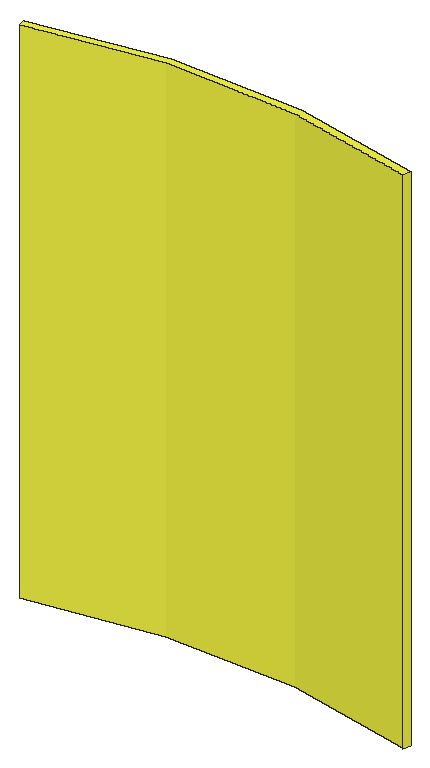
Revit family "EXP_WT-1A_CPan-009", category Curtain Panels, Revit 2021
Family settings
  OmniClass Number = 23.25.20.14.11.11.17
  OmniClass Title = Infill Panels
  Always vertical = Yes
  Cut with Voids When Loaded = Yes
  Shared = No
Parameters
  UI-UnitNumber [instance] = "01"
  UI-Quadrant [instance] = "SE"
  UI-ProjectAbbreviation = "NEU"
  UI-ItemCategory = "PID"
  UI-FloorNumber [instance] = "03"
  PNT-WallType = "WT1A"
  PNT-ProjectAbbreviation = "NEU"
  PNT-PanelType [instance] = "01"
  PNT-ItemCategory = "PNL"
  GlassSPH [instance] = 0' - 2 3/16"
  GlassH1 [instance] = IG-3C(Glass)
  Description = "Curve"
  Define Thermal Properties by = Schematic Type
  CellSp = 0' - 10 3/16"
  CellRayIN [instance] = CellRayEX - CellSp  # 17' - 1 13/16"
  CellRayEX [instance] = 18' - 0"
  CellH1 [instance] = CellH  # 13' - 1.48031"
  CellH [instance] = 13' - 1.48031"
  Analytic Construction = "<None>"
Reference planes (in)
  plane 1 "Center (Front/Back)": y = 0
  plane 2: z = 0
  plane 3 "Center (Left/Right)": x = 0
  plane 4 "Left": x = -59.05512
  plane 5 "Right": x = 59.05512
  plane 6 "Top": z = 157.48031
Forms (in)
  Extrusion 1, solid, material "IG-3C(Glass)" <- "GlassH1", detail levels coarse+medium
    sketch origin (0, 0, 0) x (1, 0, 0) y (0, 1, 0)
      loop
        line (-59.05512, 0) -> (-56.26982, -9.79935)
        arc (-56.26982, -9.79935) -> (0, -1.95779) -> (56.26982, -9.79935) r 205.8125
        line (56.26982, -9.79935) -> (59.05512, 0)
        arc (59.05512, 0) -> (0, 8.22971) -> (-59.05512, 0) r 216
    from 0 to 157.48031
Lines and regions (in)
  reference lines
    curve 1: line (59.05512, 0, 0) -> (0, -207.77029, 0)
    curve 2: line (-59.05512, 0, 0) -> (0, -207.77029, 0)
    curve 3: line (59.05512, 0, 0) -> (33.30348, 7.31946, 0)
    curve 4: line (-59.05512, 0, 0) -> (-31.03127, 7.96529, 0)
  model lines
    curve 5: arc (-59.05512, 0, 0) -> (0, 8.22971, 0) -> (59.05512, 0, 0) r 216
    curve 6: line (-59.05512, 0, 0) -> (-56.26982, -9.79935, 0)
    curve 7: line (59.05512, 0, 0) -> (56.26982, -9.79935, 0)
    curve 8: arc (56.26982, -9.79935, 0) -> (0, -1.95779, 0) -> (-56.26982, -9.79935, 0) r 205.8125
Text (in)
  text "Exterior" at (-92.59733, 55.75508, 0), in view "Ref. Level"
  text "Exterior" at (0, 90.18664, 173.49264), in view "Left"
  text "Exterior" at (0, 52.29083, 162.21847), in view "Right"
Dimensions and locks (in)
  equal spacing: plane 4 "Left", plane 3 "Center (Left/Right)", plane 5 "Right"
  "CellRayEX": curve 2 to curve 2
  "CellRayEX": curve 2 to curve 1
  "CellSp": curve 6 to curve 6
  "CellSp": curve 7 to curve 7
  "CellH": plane 2 to plane 6 "Top"
  "CellRayEX": radius of curve 5
  locked: curve 2 to curve 4 (angle 90.00°)
  locked: curve 3 to curve 1 (angle 90.00°)
  aligned and locked: level to plane 2
  aligned and locked: curve 6 to curve 2
  aligned and locked: curve 7 to curve 1
  aligned and locked: Extrusion 1 sketch curve to curve 5
  aligned and locked: Extrusion 1 sketch curve to curve 8
  aligned and locked: Extrusion 1 sketch curve to curve 7
  aligned and locked: Extrusion 1 sketch curve to curve 6
  aligned and locked: Extrusion 1 to level
  aligned and locked: Extrusion 1 to plane 6 "Top"
  aligned and locked: plane 4 "Left" to nested 1
  aligned and locked: plane 5 "Right" to nested 1
  aligned and locked: plane 1 "Center (Front/Back)" to nested 1
  aligned and locked: nested 1 to plane 6 "Top"
  aligned and locked: plane 2 to nested 1
Automatic sketch dimensions
  plane 1 "Center (Front/Back)" to curve 2 = 0' - 0"
  curve 2 to plane 4 "Left" = 0' - 0"
  curve 2 to plane 3 "Center (Left/Right)" = 0' - 0"
  plane 1 "Center (Front/Back)" to curve 3 = 0' - 0"
  curve 5 to curve 8 = 0' - 0"
  plane 1 "Center (Front/Back)" to curve 5 = 0' - 0"
  curve 8 to plane 3 "Center (Left/Right)" = 0' - 0"
Nested families (in)
  nested 1: "EXP_WT-1x_IG-010" at (0, 0, 78.74016), GlassRayEX <- "CellRayEX", MaterialGlass <- "GlassH1", GlassSP <- "GlassSPH", type "GlassSP = H", detail levels fine
    with MaterialGlass IG-3C(Glass), GlassSP 0' - 2 3/16", GlassRayIN 17' - 9 13/16", GlassRayEX 18' - 0", GlassL 9' - 8.23622", GlassH 12' - 10.6063", CellL 9' - 10.11024", CellH 13' - 1.48031"
Definition of nested family "EXP_WT-1x_IG-010"
  Parameters (values of type "GlassSP = H3")
    MaterialGlass [instance] = none
    GlassSP [instance] = 0' - 1.25197"
    GlassRayIN [instance] = GlassRayEX - GlassSP  # 17' - 10.74803"
    GlassRayEX [instance] = 18' - 0"
    GlassL [instance] = CellL - (GlassD1 + GlassD3)  # 3' - 10.94488"
    GlassH [instance] = CellH - (GlassD2 + GlassD4)  # 6' - 6.64788"
    GlassD4 = 0' - 1.43701"
    GlassD3 = 0' - 0.93701"
    GlassD2 = 0' - 0 1/2"
    GlassD1 = 0' - 0.93701"
    GMPI-ProjectAbbreviation = "NEU"
    GMPI-IteamCategory = "GLS"
    Default Elevation = 0' - 0"
    CellL [instance] = 4' - 0.8189"
    CellH [instance] = 6' - 8.58489"
  Types (5): name | GlassH | GlassD4 | GlassD2
    GlassSP = H3 | 6' - 6.64788" | 0' - 1.43701" | 0' - 0 1/2"
    GlassSP = H2(x3) | 6' - 7.83292" | 0' - 0.25197" | 0' - 0 1/2"
    GlassSP = H2(x2) | 6' - 6.64788" | 0' - 1.43701" | 0' - 0 1/2"
    GlassSP = H1 | 6' - 6.89592" | 0' - 0.25197" | 0' - 1.43701"
    GlassSP = H | 6' - 5.71088" | 0' - 1.43701" | 0' - 1.43701"
  Reference planes (in)
    plane 1 "Center (Front/Back)": y = 0
    plane 2: z = 0
    plane 3 "Center (Left/Right)": x = 0
    plane 4: z = 40.29245
    plane 5: z = -40.29245
    plane 6: z = 39.79245
    plane 7: z = -38.85544
    plane 8: x = -24.40945
    plane 9: x = 24.40945
  Forms (in)
    Extrusion 1, solid, material <- "MaterialGlass"
      sketch origin (0, 0, 0) x (1, 0, 0) y (0, 1, 0)
        loop
          line (-23.47821, 0.10387) -> (-23.33673, -1.14009)
          arc (-23.33673, -1.14009) -> (0, 0.13168) -> (23.33673, -1.14009) r 214.74803
          line (23.33673, -1.14009) -> (23.47821, 0.10387)
          arc (23.47821, 0.10387) -> (0, 1.38365) -> (-23.47821, 0.10387) r 216
      from -38.85544 to 39.79245
  Lines and regions (in)
    reference lines
      curve 1: line (-24.40945, 0, 0) -> (0, -214.61635, 0)
      curve 2: line (0, -214.61635, 0) -> (24.40945, 0, 0)
      curve 4: line (-6.33555, -150.62035, 0) -> (18.07389, -365.2367, 0)
      curve 5: line (-18.07389, -365.2367, 0) -> (6.33555, -150.62035, 0)
    model lines, not visible
      curve 3: arc (-24.40945, 0, 0) -> (0, 1.38365, 0) -> (24.40945, 0, 0) r 216
  Dimensions and locks (in)
    equal spacing: plane 4, level, plane 5
    "CellH": plane 4 to plane 5
    "GlassD2": plane 4 to plane 6
    "GlassD4": plane 7 to plane 5
    equal spacing: plane 8, plane 3 "Center (Left/Right)", plane 9
    "GlassRayEX": curve 2 to curve 2
    "GlassRayEX": curve 1 to curve 1
    "GlassD1": curve 1 to curve 4
    "GlassD3": curve 2 to curve 5
    "CellL": plane 8 to plane 9
    "GlassRayEX": radius of curve 3
    "GlassRayIN": radius of Extrusion 1 sketch curve
    aligned and locked: level to plane 2
    aligned and locked: Extrusion 1 sketch curve to curve 3
    aligned and locked: Extrusion 1 sketch curve to curve 4
    aligned and locked: curve 5 to Extrusion 1 sketch curve
    aligned and locked: plane 6 to Extrusion 1
    aligned and locked: Extrusion 1 to plane 7
  Automatic sketch dimensions
    plane 1 "Center (Front/Back)" to curve 3 = 0' - 0"  (x2)
    curve 3 to plane 8 = 0' - 0"
    curve 3 to plane 3 "Center (Left/Right)" = 0' - 0"
    plane 1 "Center (Front/Back)" to curve 1 = 0' - 0"
    curve 1 to plane 8 = 0' - 0"
    curve 2 to plane 3 "Center (Left/Right)" = 0' - 0"
    plane 1 "Center (Front/Back)" to curve 2 = 0' - 0"
    curve 5 to plane 8 = 0' - 6.33555"
    curve 4 to plane 3 "Center (Left/Right)" = 0' - 6.33555"
    plane 3 "Center (Left/Right)" to curve 5 = 0' - 6.33555"
    plane 9 to curve 4 = 0' - 6.33555"
    Extrusion 1 sketch curve to Extrusion 1 sketch curve = 0' - 0"  (x2)
